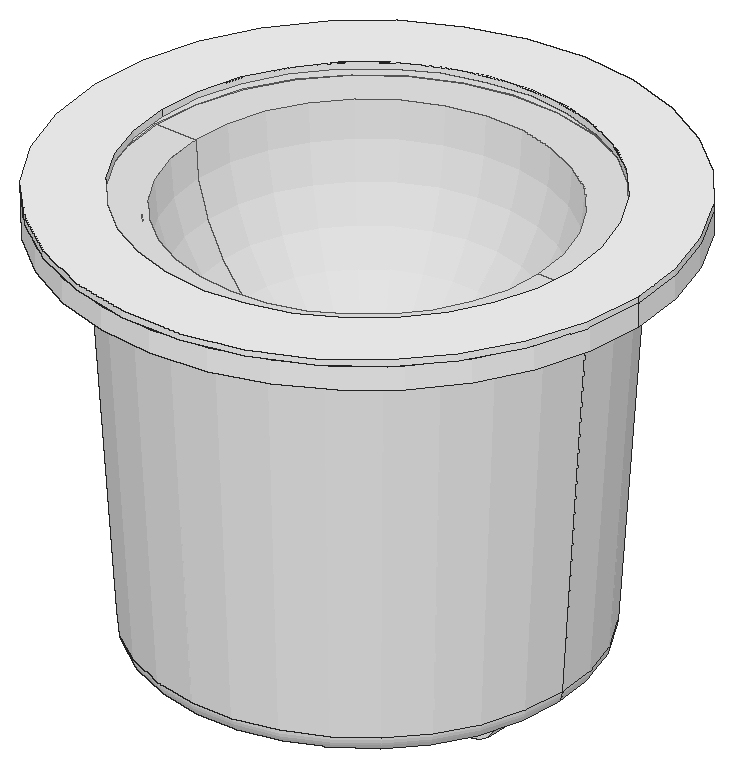
Revit family "2058867 Feilo Sylvania Lighting Fixture MYRD IP ST 4K DALIEM WHT WBEZ", category Lighting Fixtures, host Face, Revit 2017
Family settings
  Host = Face
  Round Connector Dimension = Use Diameter
  Part Type = Normal
  OmniClass Number = 23.80.70.11.17
  OmniClass Title = Specialized Lighting by Location or Use
  Cut with Voids When Loaded = No
  Light Source = Yes
  Shared = No
  Room Calculation Point = No
Parameters
  Weight = "1.44 kg"
  Wattage = 12 W
  WarrantyStartDate [instance] = "n/a"
  WarrantyGuarantorParts = "n/a"
  WarrantyDurationUnit = "n/a"
  WarrantyDurationParts = "n/a"
  WarrantyDescription = "n/a"
  built-in parameter 1150110 = 1 (stored number, unit not read)
  Voltage = 230 V
  URL = "http://www.sylvania-lighting.com"
  TypeName = "MYRD IP ST 4K DALIEM WHT WBEZ"
  Type Image = 0
  Type Comments = ""
  built-in parameter 1114217 = 1 (stored number, unit not read)
  Tilt Angle = -90°
  built-in parameter 1150109 = 1 (stored number, unit not read)
  built-in parameter 1150134 = 12
  built-in parameter 1150113 = 1 (stored number, unit not read)
  SerialNumber [instance] = "n/a"
  Reflector Radius = Cutout Diameter / 2 - 2.5 mm  # 35.0 mm
  Reflector Material = Aluminum_Sylvania_Myriad_Bright
  Recessed Depth = Height  # 72.0 mm
  PowerFactor = 0
  PowerConsumption = "12 W"
  Photometric Web File = ""
  NominalWidth = 0.0 mm
  NominalLength = 76.0 mm
  NominalHeight = 72.0 mm
  Name = "MYRD IP ST 4K DALIEM WHT WBEZ"
  ModelReference = "MYRD IP ST 4K DALIEM WHT WBEZ"
  ModelNumber = "2058867"
  Material = "Aluminium"
  ManufacturerName = "Feilo Sylvania"
  LuminousEfficacy = "113 lm/W"
  LuminaireType = "Ceiling recessed"
  LightOutputRatio = "1"
  LampsType = Lamp  # "LED"
  LampNominalLuminous = "1132 lm"
  LampMacAdamStep = "n/a"
  LampColourTemperature = "4000 K"
  LampColourRenderingIndex = "n/a"
  Keynote = "16500"
  Keynote_2 = "16500"
  InstallationDate [instance] = "n/a"
  InputVoltage = "230-240V~"
  InputNominalFrequency = "50/60 Hz"
  IngressProtection = "IP65"
  ImpactProtectionIndex = "IK02"
  IfcExportType = "IfcLightFixtureType"
  IfcExportAs = "IfcLightFixtureType"
  Height = 72.0 mm  # constant formula
  ExpectedLife = 50000
  Emit from Circle Diameter = Accessory Inner Diameter 2  # 68.0 mm
  Emit Shape Visible in Rendering = no
  ElectricShockClassification = "Class II"
  DurationUnit = "hours"
  DocumentationLiterature = "http://www.sylvania-lighting.com/product/en-int/products/2058867"
  DimmingControlOptions = "Dimmable"
  Diffuser Material = Glass_Sylvania_Myriad_Clear_4000K
  Diffuser Diameter = Cutout Diameter  # 75.0 mm
  Cutout Diameter = 75.0 mm  # constant formula
  CreatedOn = "03-11-2017"
  CreatedBy = ""
  Cost = 0
  built-in parameter 1114216 [instance] = 1 (stored number, unit not read)
  built-in parameter 1150142 = (empty or 0)
  Model = "MYRD IP ST 4K DALIEM WHT WBEZ"
  Manufacturer = "Feilo Sylvania"  # constant formula
  built-in parameter 1150105 = 107.91 (stored number, unit not read)
  Lumens = 1356 lm
  built-in parameter 1150115 = 1 (stored number, unit not read)
  built-in parameter 1150137 = (empty or 0)
  built-in parameter 1150139 = (empty or 0)
  built-in parameter 1150112 = 1 (stored number, unit not read)
  built-in parameter 1150114 = 1 (stored number, unit not read)
  Lamp = "LED"
  built-in parameter 1150132 = (empty or 0)
  built-in parameter 1150102 = (empty or 0)
  built-in parameter 1150107 = 4000 (stored number, unit not read)
  built-in parameter 1150138 = (empty or 0)
  built-in parameter 1150106 = 1.0791 (stored number, unit not read)
  built-in parameter 1150104 = 10.498 (stored number, unit not read)
  Dimming Lamp Color Temperature Shift = (empty or 0)
  Description = "Supplied complete with electronic control gear Compact Fluorescent low energy downlight Emergency version passes through the cut out Ideal for low level orientation lighting New range of Architectural accessories each providing a different lit dimension New completely flush plaster up accessory ring for clean ceiling lines and smooth finish Order lamp separately"  # constant formula
  Default Elevation = 0.0 mm
  Color Filter = 16777215
  built-in parameter 1140040 [instance] = 1
  Body Radius = Reflector Radius + 1.5 mm  # 36.5 mm
  Body Material = Aluminum_Sylvania_Myriad_Gray
  BarCode [instance] = "n/a"
  built-in parameter 1114218 = 1 (stored number, unit not read)
  built-in parameter 1150133 = 10 (stored number, unit not read)
  AssetType = "Fixed"
  AssetIdentifier [instance] = "n/a"
  Assembly Code = "D5020200"
  Apparent Load = 12 VA
  Accessory Material = Aluminum_Sylvania_Myriad_White
  Accessory Inner Diameter 2 = Accessory Diameter - 22.0 mm  # 68.0 mm
  Accessory Inner Diameter 1 = Accessory Diameter - 2.0 mm  # 88.0 mm
  Accessory Diameter = Cutout Diameter + 15.0 mm  # 90.0 mm
Reference planes
  plane 1 "Center (Front/Back)": y = 0
  plane 2: z = 0
  plane 3 "Center (Left/Right)": x = 0
  plane 4: z = 2
  plane 5 "Fixture Bottom": z = 4.5
  plane 6: z = -28.5
  plane 7: z = -61.5
  plane 8 "Fixture Top": z = -67.5
  plane 9: z = 3.5
Forms (mm)
  Revolve 1, solid, material "Aluminum_Sylvania_Myriad_Bright" <- "Reflector Material", detail levels fine
    sketch origin (0, 0, 0) x (1, 0, 0) y (0, 0, 1)
      loop
        line (0, -27.515) -> (-6, -27.515)
        arc (-6, -27.515) -> (-22.333, -16.632) -> (-28.5, 2) r 30.135
        line (-28.5, 2) -> (-35, 2) -> (-35, 0) -> (-29.184, 0)
        arc (-29.184, 0) -> (-22.423, -18.18) -> (-6, -28.5) r 30.204
        line (-6, -28.5) -> (0, -28.5) -> (0, -27.515)
      axis (0, -28.5) -> (0, 2)
    angle from 0 to 360
  Revolve 2, solid, material "Aluminum_Sylvania_Myriad_Gray" <- "Body Material", detail levels fine
    sketch origin (0, 0, 0) x (1, 0, 0) y (0, 0, 1)
      loop
        line (-44, 2) -> (-44, 0) -> (-36.5, 0) -> (-32.42, -58.708)
        arc (-32.42, -58.708) -> (-31.474, -60.694) -> (-29.428, -61.5) r 3
        line (-29.428, -61.5) -> (0, -61.5) -> (0, -28.5) -> (-6, -28.5)
        arc (-6, -28.5) -> (-22.423, -18.18) -> (-29.184, 0) r 30.204
        line (-29.184, 0) -> (-35, 0) -> (-35, 2) -> (-44, 2)
      axis (0, 2) -> (0, -61.5)
    angle from 0 to 360
  Extrusion 3, solid, material "Aluminum_Sylvania_Myriad_Gray" <- "Body Material", detail levels fine
    sketch origin (0, 0, 0) x (1, 0, 0) y (0, 0, 1)
      loop
        line (-13.5, -67.5) -> (21, -67.5)
        arc (21, -67.5) -> (23.828, -66.328) -> (25, -63.5) r 4
        line (25, -63.5) -> (25, -61.5) -> (-17.5, -61.5) -> (-17.5, -63.5)
        arc (-17.5, -63.5) -> (-16.328, -66.328) -> (-13.5, -67.5) r 4
    from -4.5 to 4.5
  Extrusion 4, solid, material "Aluminum_Sylvania_Myriad_White" <- "Accessory Material", detail levels fine
    sketch origin (0, 0, 0) x (1, 0, 0) y (0, 1, 0)
      loop
        circle (0, 0) r 45
      loop
        circle (0, 0) r 44
    from 0 to 3.5
  Extrusion 5, solid, material "Aluminum_Sylvania_Myriad_White" <- "Accessory Material", detail levels fine
    sketch origin (0, 0, 0) x (1, 0, 0) y (0, 1, 0)
      loop
        circle (0, 0) r 45
      loop
        circle (0, 0) r 34
    from 3.5 to 4.5
  Extrusion 6, solid, material "Aluminum_Sylvania_Myriad_White" <- "Accessory Material", detail levels coarse+medium
    sketch origin (0, 0, 0) x (1, 0, 0) y (0, 1, 0)
      loop
        circle (0, 0) r 45
    from 0 to 4.5
  Revolve 7, solid, detail levels coarse+medium
    sketch origin (0, 0, 0) x (1, 0, 0) y (0, 0, 1)
      loop
        line (36.5, 0) -> (0, 0) -> (0, -61.5) -> (32.226, -61.5) -> (36.5, 0)
      axis (0, 0) -> (0, -61.5)
    angle from 0 to 360
  Extrusion 8, void
    sketch origin (0, 0, 0) x (1, 0, 0) y (0, 1, 0)
      loop
        circle (0, 0) r 37.5
    from -67.5 to 0
  Extrusion 9, solid, material "Glass_Sylvania_Myriad_Clear_4000K" <- "Diffuser Material", detail levels fine
    sketch origin (0, 0, 0) x (1, 0, 0) y (0, 1, 0)
      loop
        circle (0, 0) r 37.5
    from 2 to 3.5
Cuts and joins
  joined: Extrusion 4, Extrusion 5
Lines and regions (mm)
  Masking region 1
    outline origin (0, 0, 0) x (1, 0, 0) y (0, 1, 0)
      loop
        circle (0, 0) r 45
  symbolic lines
    curve 1: arc (-34, 0, 0) -> (0, 34, 0) -> (34, 0, 0) r 34
    curve 2: arc (34, 0, 0) -> (0, -34, 0) -> (-34, 0, 0) r 34
Dimensions and locks
  locked: plane 7 to plane 8 "Fixture Top" at 6
  "Body Radius": Revolve 7 sketch curve to plane 3 "Center (Left/Right)"
  locked: Revolve 7 sketch curve to Revolve 7 sketch curve at 4.274
  plane 5 "Fixture Bottom" to plane 9 to plane 4 to plane 2 to plane 6 = 1.0 mm locked, 1.5 mm locked, 2.0 mm locked, 28.5 mm locked
  "Reflector Radius": Revolve 1 sketch curve to plane 3 "Center (Left/Right)"
  Revolve 1 sketch curve to Revolve 1 sketch curve to Revolve 1 sketch curve to Revolve 1 sketch curve = 6.5 mm locked, 22.5 mm locked, 0.0 mm locked
  "Reflector Radius": plane 3 "Center (Left/Right)" to Revolve 2 sketch curve
  Revolve 2 sketch curve to Revolve 2 sketch curve to Revolve 2 sketch curve = 7.5 mm locked, 1.5 mm locked
  Revolve 2 sketch curve to Revolve 2 sketch curve to Revolve 2 sketch curve = 5.816 mm locked, 23.184 mm locked
  Revolve 2 sketch curve to Revolve 2 sketch curve to Revolve 2 sketch curve = 2.58 mm locked, 2.993 mm locked
  "Accessory Diameter": diameter of Extrusion 4 sketch curve
  "Accessory Inner Diameter 1": diameter of Extrusion 4 sketch curve
  "Accessory Diameter": diameter of Extrusion 5 sketch curve
  "Accessory Diameter": diameter of Extrusion 6 sketch curve
  "Cutout Diameter": diameter of Extrusion 8 sketch curve
  "Accessory Inner Diameter 2": diameter of Extrusion 5 sketch curve
  "Diffuser Diameter": diameter of Extrusion 9 sketch curve
  aligned and locked: plane 2 to host face
  aligned and locked: level to host face
  aligned and locked: plane 1 "Center (Front/Back)" to imposter light
  aligned and locked: plane 3 "Center (Left/Right)" to imposter light
  aligned and locked: Revolve 1 sketch curve to imposter light
  aligned and locked: Extrusion 3 sketch curve to plane 8 "Fixture Top"
  aligned and locked: plane 7 to Extrusion 3 sketch curve
  aligned and locked: Extrusion 4 to plane 2
  aligned and locked: plane 9 to Extrusion 4
  aligned and locked: Extrusion 5 to plane 9
  aligned and locked: plane 5 "Fixture Bottom" to Extrusion 5
  aligned and locked: Extrusion 6 to plane 2
  aligned and locked: plane 5 "Fixture Bottom" to Extrusion 6
  aligned and locked: Extrusion 8 to plane 8 "Fixture Top"
  aligned and locked: plane 2 to Extrusion 8
  aligned and locked: Masking region 1 sketch curve to Extrusion 6  (x2)
  aligned and locked: Extrusion 9 to plane 4
  aligned and locked: plane 9 to Extrusion 9
  aligned and locked: plane 4 to Revolve 2 sketch curve
  aligned and locked: Revolve 2 sketch curve to plane 2
  aligned and locked: curve 1 to cut or joined group of Extrusion 4, Extrusion 5
  aligned and locked: curve 2 to cut or joined group of Extrusion 4, Extrusion 5
  aligned and locked: imposter light to plane 5 "Fixture Bottom"
Automatic sketch dimensions
  host sketch curve to host sketch curve = 1305.563 mm
  host sketch curve to host sketch curve = 1283.632 mm
  Extrusion 3 sketch curve to plane 7 = 2.0 mm
  Extrusion 3 sketch curve to plane 3 "Center (Left/Right)" = 13.5 mm
  plane 3 "Center (Left/Right)" to Extrusion 3 sketch curve = 21.0 mm
  Extrusion 3 sketch curve to Extrusion 3 sketch curve = 4.0 mm
  Revolve 1 sketch curve to level = 0.0 mm
  Revolve 1 sketch curve to plane 3 "Center (Left/Right)" = 0.0 mm
  Revolve 1 sketch curve to plane 6 = 0.0 mm
  Revolve 1 sketch curve to plane 4 = 0.0 mm
  Revolve 1 sketch curve to Revolve 1 sketch curve = 0.684 mm
  level to Revolve 1 sketch curve = 0.88 mm
  Revolve 1 sketch curve to plane 4 = 0.363 mm
  Revolve 1 sketch curve to Revolve 1 sketch curve = 0.625 mm
  Revolve 1 sketch curve to plane 8 "Fixture Top" = 232.8 mm
  plane 5 "Fixture Bottom" to Revolve 1 sketch curve = 291.243 mm
  Revolve 2 sketch curve to plane 3 "Center (Left/Right)" = 0.0 mm  (x2)
  Revolve 2 sketch curve to plane 7 = 0.0 mm
  Revolve 2 sketch curve to plane 6 = 0.0 mm
  Revolve 2 sketch curve to level = 0.0 mm
  level to Revolve 2 sketch curve = 0.88 mm
  plane 7 to Revolve 2 sketch curve = 2.792 mm
  Revolve 2 sketch curve to plane 8 "Fixture Top" = 304.774 mm
  plane 5 "Fixture Bottom" to Revolve 2 sketch curve = 1137.105 mm
  Extrusion 4 sketch curve to Extrusion 4 sketch curve = 0.0 mm  (x2)
  plane 1 "Center (Front/Back)" to Extrusion 4 sketch curve = 0.0 mm
  Extrusion 4 sketch curve to plane 3 "Center (Left/Right)" = 0.0 mm
  Extrusion 5 sketch curve to Extrusion 5 sketch curve = 0.0 mm  (x2)
  plane 1 "Center (Front/Back)" to Extrusion 5 sketch curve = 0.0 mm
  Extrusion 5 sketch curve to plane 3 "Center (Left/Right)" = 0.0 mm
  plane 1 "Center (Front/Back)" to Extrusion 6 sketch curve = 0.0 mm
  Extrusion 6 sketch curve to plane 3 "Center (Left/Right)" = 0.0 mm
  Revolve 7 sketch curve to level = 0.0 mm
  Revolve 7 sketch curve to plane 3 "Center (Left/Right)" = 0.0 mm  (x2)
  Revolve 7 sketch curve to plane 7 = 0.0 mm
  Revolve 7 sketch curve to plane 8 "Fixture Top" = 304.774 mm
  plane 5 "Fixture Bottom" to Revolve 7 sketch curve = 43.226 mm
  plane 1 "Center (Front/Back)" to Extrusion 8 sketch curve = 0.0 mm
  Extrusion 8 sketch curve to plane 3 "Center (Left/Right)" = 0.0 mm
  plane 1 "Center (Front/Back)" to Extrusion 9 sketch curve = 0.0 mm
  Extrusion 9 sketch curve to plane 3 "Center (Left/Right)" = 0.0 mm
Connectors
  electrical at (-0.006, -0.019, -67.5), driven by "Apparent Load", driven by "Apparent Load"
    settings: on plane 8 "Fixture Top", index 1, voltage 230 V, apparent load 12 VA, apparent load phase1 12 VA, apparent load phase2 0 VA, apparent load phase3 0 VA, power factor 1, load classification "Lighting", number of poles 1, system type 30, power factor state 1, is connector primary yes, connector utility no, sub classification motor no, connector description ""
